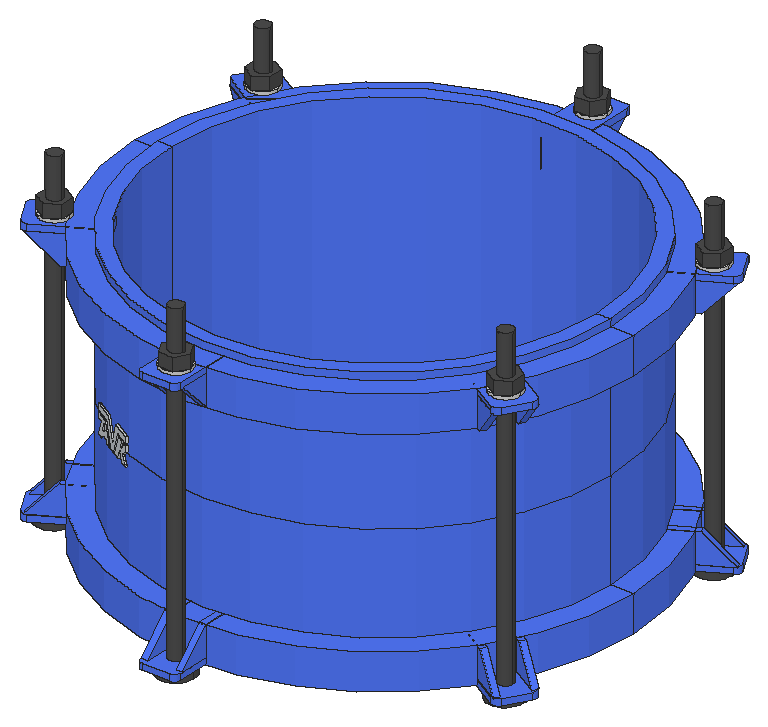
Revit family "601-A-005-DN225-300", category Pipe Accessories, Revit 2019
Family settings
  Round Connector Dimension = Use Diameter
  Part Type = Valve - Breaks Into
  Work Plane-Based = No
  Always vertical = Yes
  Cut with Voids When Loaded = No
  Shared = No
Parameters (values of type "DN300_324-350")
  W2 = (D3 / 2) - 5 mm  # 229.5 mm
  W1 = 32 mm  # constant formula
  URL_product_pages = "https://www.avkvalves.com/P.aspx?no=6012680004100"
  Search_Table = "601-A-005-DN225-300"
  PCD_Ref = PCD + 24 mm  # 452 mm
  PCD = size_lookup(Search_Table, "PCD", 0 mm, DN)  # 428 mm
  L1 = size_lookup(Search_Table, "L1", 0 mm, DN)  # 160 mm
  L = size_lookup(Search_Table, "L", 0 mm, DN)  # 270 mm
  ID = DN / 2  # 150.05 mm
  F = 5 mm  # constant formula
  Description_ = "AVK UNIVERSAL SUPA® STRAIGHT COUPLING"
  DN_Ref = DN2 * 2  # 350 mm
  DN300_324-350 = "601-350-000-4100"
  DN300_301-327 = "601-327-000-4100"
  DN250_280-306 = "601-306-000-4100"
  DN250_266-292 = "601-292-000-4100"
  DN225_242-268 = "601-268-000-4100"
  DN2 = size_lookup(Search_Table, "DN2", 0 mm, DN) / 2  # 175 mm
  DN = 300.1 mm
  D3 = size_lookup(Search_Table, "D3", 0 mm, DN)  # 469 mm
  D2 = D1 / 1.1  # 186.364 mm
  D1 = size_lookup(Search_Table, "D1", 0 mm, DN) / 2  # 205 mm
  Body_height_ref = Body_height - 12 mm  # 219 mm
  Body_height = size_lookup(Search_Table, "Body_height", 0 mm, DN)  # 231 mm
  B2 = Body_height / 2  # 115.5 mm
Types (6, lengths in mm): name | W2 | PCD_Ref | PCD | L1 | L | ID | DN_Ref | DN2 | DN | D3 | D2 | D1 | Body_height_ref | Body_height | B2
  (no name) | 229.5 | 452 | 428 | 160 | 270 | 150.05 | 350 | 175 | 300.1 | 469 | 186.364 | 205 | 219 | 231 | 115.5
  DN225_242-268 | 188 | 374 | 350 | 140 | 230 | 112.5 | 268 | 134 | 225 | 386 | 149.545 | 164.5 | 199 | 211 | 105.5
  DN250_266-292 | 200.5 | 398 | 374 | 160 | 250 | 125 | 292 | 146 | 250 | 411 | 161.818 | 178 | 219 | 231 | 115.5
  DN250_280-306 | 207.5 | 412 | 388 | 160 | 250 | 125.05 | 306 | 153 | 250.1 | 425 | 167.273 | 184 | 219 | 231 | 115.5
  DN300_301-327 | 217.5 | 429 | 405 | 160 | 250 | 150 | 327 | 163.5 | 300 | 445 | 176.364 | 194 | 219 | 231 | 115.5
  DN300_324-350 | 229.5 | 452 | 428 | 160 | 270 | 150.05 | 350 | 175 | 300.1 | 469 | 186.364 | 205 | 219 | 231 | 115.5
Reference planes
  plane 1 "Center (Front/Back)": y = 0
  plane 2: z = 0
  plane 3 "Center (Left/Right)": x = 0
  plane 4: y = 234.5
  plane 5: x = -16
  plane 6: x = 16
  plane 7: x = -16
  plane 8: y = -234.5
  plane 9: x = 16
  plane 10: x = -11
  plane 11: y = 229.5
  plane 12: x = 11
  plane 13: y = 229.5
  plane 14: y = -229.5
  plane 15: x = 11
  plane 16: x = -11
  plane 17: y = -229.5
  plane 18: y = -16
  plane 19: y = 16
  plane 20: x = 16
  plane 21: x = -16
  plane 22: x = 214
  plane 23: x = -214
  plane 24: y = 214
  plane 25: y = -214
  plane 26: z = 109.5
  plane 27: z = -109.5
  plane 28: z = -115.5
  plane 29: z = 154.5
  plane 30: z = 98.5
  plane 31: through (0, 0, 1200) normal (-0.5, -0.866, 0)
  plane 32: through (-219.561, 88.71, 1200) normal (-0.866, 0.5, 0)
  plane 33: through (-110.635, 45.4, 1200) normal (0.5, 0.866, 0)
  plane 34: through (-94.635, 73.113, 1200) normal (0.5, 0.866, 0)
  plane 35: through (3.052, -20.237, 1200) normal (0.5, 0.866, 0)
  plane 36: through (185.117, -148.368, 1200) normal (-0.866, 0.5, 0)
  plane 37: through (19.052, 7.475, 1200) normal (0.5, 0.866, 0)
  plane 38: through (-99.475, 44.73, 1200) normal (-0.5, -0.866, 0)
  plane 39: through (-209.219, 96.622, 1200) normal (0.866, -0.5, 0)
  plane 40: through (-88.475, 63.783, 1200) normal (-0.5, -0.866, 0)
  plane 41: through (-187.944, 133.472, 1200) normal (0.866, -0.5, 0)
  plane 42: through (209.562, -96.028, 1200) normal (-0.866, 0.5, 0)
  plane 43: through (102.051, -46.217, 1200) normal (-0.5, -0.866, 0)
  plane 44: through (91.051, -65.27, 1200) normal (-0.5, -0.866, 0)
  plane 45: through (188.287, -132.878, 1200) normal (-0.866, 0.5, 0)
  plane 46: through (219.561, 88.71, 1200) normal (-0.866, -0.5, 0)
  plane 47: through (110.635, 45.4, 1200) normal (0.5, -0.866, 0)
  plane 48: through (94.635, 73.113, 1200) normal (0.5, -0.866, 0)
  plane 49: through (-3.052, -20.237, 1200) normal (0.5, -0.866, 0)
  plane 50: through (-185.117, -148.368, 1200) normal (-0.866, -0.5, 0)
  plane 51: through (-19.052, 7.475, 1200) normal (0.5, -0.866, 0)
  plane 52: through (99.475, 44.73, 1200) normal (-0.5, 0.866, 0)
  plane 53: through (209.219, 96.622, 1200) normal (0.866, 0.5, 0)
  plane 54: through (88.475, 63.783, 1200) normal (-0.5, 0.866, 0)
  plane 55: through (187.944, 133.472, 1200) normal (0.866, 0.5, 0)
  plane 56: through (-209.562, -96.028, 1200) normal (-0.866, -0.5, 0)
  plane 57: through (-102.051, -46.217, 1200) normal (-0.5, 0.866, 0)
  plane 58: through (-91.051, -65.27, 1200) normal (-0.5, 0.866, 0)
  plane 59: through (-188.287, -132.878, 1200) normal (-0.866, -0.5, 0)
  plane 60: through (0, 0, 1200) normal (-0.866, 0.5, 0)
  plane 61: through (0, 0, 1200) normal (-0.866, -0.5, 0)
  plane 62: through (167.143, 96.5, 1200) normal (0.5, -0.866, 0)
  plane 63: z = 112.274
Forms (mm)
  Revolve 1, solid, material "Plastic"
    sketch origin (0, 0, 0) x (1, 0, 0) y (0, 0, 1)
      loop
        line (0, 115.5) -> (0, -115.5) -> (186.364, -115.5) -> (186.364, -109.5) -> (205, -109.5) -> (205, -80) -> (186.364, -80) -> (186.364, 0) -> (186.364, 80) -> (205, 80) -> (205, 109.5) -> (186.364, 109.5) -> (186.364, 115.5) -> (0, 115.5)
      axis (0, -115.5) -> (0, 115.5)
    angle from 0 to 360
  Extrusion 2, solid, material "Plastic"
    sketch origin (0, 0, 0) x (1, 0, 0) y (0, 1, 0)
      loop
        arc (-11, 234.5) -> (-14.536, 233.036) -> (-16, 229.5) r 5
        line (-16, 229.5) -> (-16, -16) -> (-16, -229.5)
        arc (-16, -229.5) -> (-14.536, -233.036) -> (-11, -234.5) r 5
        line (-11, -234.5) -> (11, -234.5)
        arc (11, -234.5) -> (14.536, -233.036) -> (16, -229.5) r 5
        line (16, -229.5) -> (16, -16) -> (16, 229.5)
        arc (16, 229.5) -> (14.536, 233.036) -> (11, 234.5) r 5
        line (11, 234.5) -> (-11, 234.5)
    from 104.5 to 109.5
  Extrusion 3, solid, material "Plastic"
    sketch origin (0, 0, 0) x (1, 0, 0) y (0, 1, 0)
      loop
        line (16, 16) -> (16, 229.5)
        arc (16, 229.5) -> (14.536, 233.036) -> (11, 234.5) r 5
        line (11, 234.5) -> (-11, 234.5)
        arc (-11, 234.5) -> (-14.536, 233.036) -> (-16, 229.5) r 5
        line (-16, 229.5) -> (-16, 16) -> (-16, -229.5)
        arc (-16, -229.5) -> (-14.536, -233.036) -> (-11, -234.5) r 5
        line (-11, -234.5) -> (11, -234.5)
        arc (11, -234.5) -> (14.536, -233.036) -> (16, -229.5) r 5
        line (16, -229.5) -> (16, 16)
    from -109.5 to -104.5
  Extrusion 4, solid, material "Plastic"
    sketch origin (0, 0, 0) x (0, 1, 0) y (0, 0, 1)
      loop
        line (229.5, -104.5) -> (205, -80) -> (-205, -80) -> (-229.5, -104.5) -> (229.5, -104.5)
    from -16 to -11
  Extrusion 5, solid, material "Plastic"
    sketch origin (0, 0, 0) x (0, 1, 0) y (0, 0, 1)
      loop
        line (203.5, -80) -> (150.356, -80) -> (150.356, -104.5) -> (227, -104.5) -> (203.5, -80)
      loop
        line (-227, -104.5) -> (-150.356, -104.5) -> (-150.356, -80) -> (-203.5, -80) -> (-227, -104.5)
    from 11 to 16
  Extrusion 6, solid, material "Plastic"
    sketch origin (0, 0, 0) x (0.5, 0.866025, 0) y (-0.866025, 0.5, 0)
      loop
        arc (-11, 234.5) -> (-14.536, 233.036) -> (-16, 229.5) r 5
        line (-16, 229.5) -> (-16, -41) -> (-16, -229.5)
        arc (-16, -229.5) -> (-14.536, -233.036) -> (-11, -234.5) r 5
        line (-11, -234.5) -> (11, -234.5)
        arc (11, -234.5) -> (14.536, -233.036) -> (16, -229.5) r 5
        line (16, -229.5) -> (16, -41) -> (16, 229.5)
        arc (16, 229.5) -> (14.536, 233.036) -> (11, 234.5) r 5
        line (11, 234.5) -> (-11, 234.5)
    from 104.5 to 109.5
  Extrusion 7, solid, material "Plastic"
    sketch origin (0, 0, 0) x (-0.5, 0.866025, 0) y (-0.866025, -0.5, 0)
      loop
        line (-11, -234.5) -> (11, -234.5)
        arc (11, -234.5) -> (14.536, -233.036) -> (16, -229.5) r 5
        line (16, -229.5) -> (16, 41) -> (16, 229.5)
        arc (16, 229.5) -> (14.536, 233.036) -> (11, 234.5) r 5
        line (11, 234.5) -> (-11, 234.5)
        arc (-11, 234.5) -> (-14.536, 233.036) -> (-16, 229.5) r 5
        line (-16, 229.5) -> (-16, 41) -> (-16, -229.5)
        arc (-16, -229.5) -> (-14.536, -233.036) -> (-11, -234.5) r 5
    from 104.5 to 109.5
  Extrusion 8, solid, material "Plastic"
    sketch origin (0, 0, 0) x (1, 0, 0) y (0, 1, 0)
      loop
        line (0, 18.475) -> (-190.753, 128.606)
        arc (-190.753, 128.606) -> (-194.547, 129.106) -> (-197.583, 126.776) r 5
        line (-197.583, 126.776) -> (-208.583, 107.724)
        arc (-208.583, 107.724) -> (-209.082, 103.93) -> (-206.753, 100.894) r 5
        line (-206.753, 100.894) -> (-32, 0) -> (-206.753, -100.894)
        arc (-206.753, -100.894) -> (-209.082, -103.93) -> (-208.583, -107.724) r 5
        line (-208.583, -107.724) -> (-197.583, -126.776)
        arc (-197.583, -126.776) -> (-194.547, -129.106) -> (-190.753, -128.606) r 5
        line (-190.753, -128.606) -> (0, -18.475) -> (190.753, -128.606)
        arc (190.753, -128.606) -> (194.547, -129.106) -> (197.583, -126.776) r 5
        line (197.583, -126.776) -> (208.583, -107.724)
        arc (208.583, -107.724) -> (209.082, -103.93) -> (206.753, -100.894) r 5
        line (206.753, -100.894) -> (32, 0) -> (206.753, 100.894)
        arc (206.753, 100.894) -> (209.082, 103.93) -> (208.583, 107.724) r 5
        line (208.583, 107.724) -> (197.583, 126.776)
        arc (197.583, 126.776) -> (194.547, 129.106) -> (190.753, 128.606) r 5
        line (190.753, 128.606) -> (0, 18.475)
    from -104.5 to -109.5
  Blend 9, solid, material "Plastic"
    base sketch origin (0, 0, 0) x (1, 0, 0) y (0, 1, 0)
      loop
        line (-208.638, -101.982) -> (-206.138, -106.312) -> (195.138, 125.365) -> (192.638, 129.695) -> (-208.638, -101.982)
    top sketch origin (0, 0, 0) x (1, 0, 0) y (0, 1, 0)
      loop
        line (-188.528, -90.372) -> (-186.028, -94.702) -> (175.028, 113.754) -> (172.528, 118.085) -> (-188.528, -90.372)
    from 104.5 to 80
  Blend 10, solid, material "Plastic"
    base sketch origin (0, 0, 0) x (1, 0, 0) y (0, 1, 0)
      loop
        line (208.638, 101.982) -> (206.138, 106.312) -> (-195.138, -125.365) -> (-192.638, -129.695) -> (208.638, 101.982)
    top sketch origin (0, 0, 0) x (1, 0, 0) y (0, 1, 0)
      loop
        line (-172.528, -118.085) -> (188.528, 90.372) -> (186.358, 94.892) -> (-175.028, -113.754) -> (-172.528, -118.085)
    from 104.5 to 80
  Blend 11, solid, material "Plastic"
    base sketch origin (0, 0, 0) x (-1, 0, 0) y (0, -1, 0)
      loop
        line (-208.638, 101.982) -> (192.638, -129.695) -> (195.138, -125.365) -> (-206.138, 106.312) -> (-208.638, 101.982)
    top sketch origin (0, 0, 0) x (-1, 0, 0) y (0, -1, 0)
      loop
        line (-188.528, 90.372) -> (172.528, -118.085) -> (175.028, -113.754) -> (-186.028, 94.702) -> (-188.528, 90.372)
    from 104.5 to 80
  Blend 12, solid, material "Plastic"
    base sketch origin (0, 0, 0) x (-1, 0, 0) y (0, -1, 0)
      loop
        line (208.638, -101.982) -> (-192.638, 129.695) -> (-195.138, 125.365) -> (206.138, -106.312) -> (208.638, -101.982)
    top sketch origin (0, 0, 0) x (-1, 0, 0) y (0, -1, 0)
      loop
        line (-172.528, 118.085) -> (-175.028, 113.754) -> (186.358, -94.892) -> (188.528, -90.372) -> (-172.528, 118.085)
    from 104.5 to 80
  Blend 13, solid, material "Plastic"
    base sketch origin (0, 0, 0) x (1, 0, 0) y (0, 1, 0)
      loop
        line (192.638, 129.695) -> (-208.638, -101.982) -> (-206.138, -106.312) -> (195.138, 125.365) -> (192.638, 129.695)
    top sketch origin (0, 0, 0) x (1, 0, 0) y (0, 1, 0)
      loop
        line (-188.528, -90.372) -> (-186.028, -94.702) -> (175.028, 113.754) -> (172.528, 118.085) -> (-188.528, -90.372)
    from -104.5 to -80
  Blend 14, solid, material "Plastic"
    base sketch origin (0, 0, 0) x (1, 0, 0) y (0, 1, 0)
      loop
        line (-192.638, -129.695) -> (208.638, 101.982) -> (206.138, 106.312) -> (-195.138, -125.365) -> (-192.638, -129.695)
    top sketch origin (0, 0, 0) x (1, 0, 0) y (0, 1, 0)
      loop
        line (-172.528, -118.085) -> (188.528, 90.372) -> (186.358, 94.892) -> (-175.028, -113.754) -> (-172.528, -118.085)
    from -104.5 to -80
  Blend 15, solid, material "Plastic"
    base sketch origin (0, 0, 0) x (1, 0, 0) y (0, 1, 0)
      loop
        line (-192.638, 129.695) -> (-195.138, 125.365) -> (206.138, -106.312) -> (208.638, -101.982) -> (-192.638, 129.695)
    top sketch origin (0, 0, 0) x (1, 0, 0) y (0, 1, 0)
      loop
        line (-175.028, 113.754) -> (186.028, -94.702) -> (188.528, -90.372) -> (-172.528, 118.085) -> (-175.028, 113.754)
    from -104.5 to -80
  Blend 16, solid, material "Plastic"
    base sketch origin (0, 0, 0) x (1, 0, 0) y (0, 1, 0)
      loop
        line (-206.138, 106.312) -> (-208.638, 101.982) -> (192.638, -129.695) -> (195.138, -125.365) -> (-206.138, 106.312)
    top sketch origin (0, 0, 0) x (1, 0, 0) y (0, 1, 0)
      loop
        line (-186.358, 94.892) -> (-188.528, 90.372) -> (172.528, -118.085) -> (175.028, -113.754) -> (-186.358, 94.892)
    from -104.5 to -80
  Extrusion 17, solid, material "Stainless Steel AISI 304"
    sketch origin (0, 0, 0) x (1, 0, 0) y (0, 1, 0)
      loop
        circle (185.329, 107) r 6
      loop
        circle (-185.329, -107) r 6
      loop
        circle (-185.329, 107) r 6
      loop
        circle (185.329, -107) r 6
      loop
        circle (0, 214) r 6
      loop
        circle (0, -214) r 6
    from -104.5 to 154.5
  Extrusion 18, solid, material "Stainless Steel AISI 304(1)"
    sketch origin (0, 0, 0) x (1, 0, 0) y (0, 1, 0)
      loop
        circle (185.329, 107) r 12
      loop
        circle (-185.329, -107) r 12
      loop
        circle (-185.329, 107) r 12
      loop
        circle (185.329, -107) r 12
      loop
        circle (0, 214) r 12
      loop
        circle (0, -214) r 12
    from 109.5 to 111.822
  Extrusion 19, solid, material "Stainless Steel AISI 304"
    sketch origin (0, 0, 0) x (1, 0, 0) y (0, 1, 0)
      loop
        line (12, 214) -> (6, 224.392) -> (-6, 224.392) -> (-12, 214) -> (-6, 203.608) -> (6, 203.608) -> (12, 214)
      loop
        line (185.329, -119) -> (195.722, -113) -> (195.722, -101) -> (185.329, -95) -> (174.937, -101) -> (174.937, -113) -> (185.329, -119)
      loop
        line (12, -214) -> (6, -203.608) -> (-6, -203.608) -> (-12, -214) -> (-6, -224.392) -> (6, -224.392) -> (12, -214)
      loop
        line (-185.329, 119) -> (-195.722, 113) -> (-195.722, 101) -> (-185.329, 95) -> (-174.937, 101) -> (-174.937, 113) -> (-185.329, 119)
      loop
        line (-185.329, -119) -> (-174.937, -113) -> (-174.937, -101) -> (-185.329, -95) -> (-195.722, -101) -> (-195.722, -113) -> (-185.329, -119)
      loop
        line (185.329, 119) -> (174.937, 113) -> (174.937, 101) -> (185.329, 95) -> (195.722, 101) -> (195.722, 113) -> (185.329, 119)
    from 111.822 to 122.274
  Extrusion 20, solid, material "Stainless Steel AISI 304"
    sketch origin (0, 0, 0) x (1, 0, 0) y (0, 1, 0)
      loop
        circle (0, 214) r 15
      loop
        circle (185.329, 107) r 15
      loop
        circle (-185.329, 107) r 15
      loop
        circle (185.329, -107) r 15
      loop
        circle (-185.329, -107) r 15
      loop
        circle (0, -214) r 15
    from -109.5 to -115.5
  Blend 21, solid, material "Plastic"
    base sketch origin (0, 0, 0) x (1, 0, 0) y (0, 1, 0)
      loop
        line (-16, 229.5) -> (-16, -229.5) -> (-11, -229.5) -> (-11, 229.5) -> (-16, 229.5)
    top sketch origin (0, 0, 0) x (1, 0, 0) y (0, 1, 0)
      loop
        line (-16, 205) -> (-16, -205) -> (-11, -205) -> (-11, 205) -> (-16, 205)
    from 104.5 to 80
  Blend 22, solid, material "Plastic"
    base sketch origin (0, 0, 0) x (1, 0, 0) y (0, 1, 0)
      loop
        line (11, 227) -> (11, -227) -> (16, -227) -> (16, 227) -> (11, 227)
    top sketch origin (0, 0, 0) x (1, 0, 0) y (0, 1, 0)
      loop
        line (11, 203.5) -> (11, -203.5) -> (16, -203.5) -> (16, 203.5) -> (11, 203.5)
    from 104.5 to 80
  Revolve 23, void
    sketch origin (0, 0, 0) x (1, 0, 0) y (0, 0, 1)
      loop
        line (0, 115.5) -> (0, -115.5) -> (175, -115.5) -> (175, 115.5) -> (0, 115.5)
      axis (0, -115.5) -> (0, 115.5)
    angle from 0 to 360
Cuts and joins
  Revolve 23 cuts Revolve 1
  Revolve 23 cuts Extrusion 2
  Revolve 23 cuts Extrusion 3
  Revolve 23 cuts Extrusion 4
  Revolve 23 cuts Extrusion 5
  Revolve 23 cuts Extrusion 6
  Revolve 23 cuts Extrusion 7
  Revolve 23 cuts Extrusion 8
  Revolve 23 cuts Blend 9
  Revolve 23 cuts Blend 10
  Revolve 23 cuts Blend 11
  Revolve 23 cuts Blend 12
  Revolve 23 cuts Blend 13
  Revolve 23 cuts Blend 14
  Revolve 23 cuts Blend 15
  Revolve 23 cuts Blend 16
  Revolve 23 cuts Blend 21
  Revolve 23 cuts Blend 22
Dimensions and locks
  "L1": Revolve 1 sketch curve to Revolve 1 sketch curve
  equal spacing: Revolve 1 sketch curve, level, Revolve 1 sketch curve  (x2)
  "D1": Revolve 1 sketch curve to plane 3 "Center (Left/Right)"
  "D2": Revolve 1 sketch curve to Revolve 1 sketch curve
  locked: plane 12 to plane 6 at 5
  locked: plane 4 to plane 13 at 5
  locked: plane 5 to plane 10 at 5
  locked: plane 4 to plane 11 at 5
  locked: plane 17 to plane 8 at 5
  locked: plane 14 to plane 8 at 5
  locked: plane 7 to plane 16 at 5
  locked: plane 15 to plane 9 at 5
  equal spacing: plane 5, plane 3 "Center (Left/Right)", plane 6
  equal spacing: plane 7, plane 3 "Center (Left/Right)", plane 9
  "W1": plane 5 to plane 6
  "W1": plane 7 to plane 9
  equal spacing: plane 4, plane 1 "Center (Front/Back)", plane 8
  "D3": plane 4 to plane 8
  equal spacing: plane 22, plane 3 "Center (Left/Right)", plane 23
  "PCD": plane 22 to plane 23
  equal spacing: plane 24, plane 1 "Center (Front/Back)", plane 25
  "PCD": plane 24 to plane 25
  locked: Revolve 1 sketch curve to Revolve 1 sketch curve at 6  (x2)
  "Body_height": Revolve 1 sketch curve to Revolve 1 sketch curve
  equal spacing: plane 26, level, plane 27
  "Body_height_ref": plane 26 to plane 27
  "F": Extrusion 3 to plane 27
  "F": plane 26 to Extrusion 2
  equal spacing: Extrusion 4 sketch curve, plane 1 "Center (Front/Back)", Extrusion 4 sketch curve  (x2)
  "W2": plane 1 "Center (Front/Back)" to Extrusion 4 sketch curve
  "D1": plane 1 "Center (Front/Back)" to Extrusion 4 sketch curve
  "F": Extrusion 4 to plane 21
  "B2": level to plane 28
  "L": plane 29 to plane 28
  "F": plane 20 to Extrusion 5
  locked: plane 40 to plane 34 at 5
  locked: plane 32 to plane 41 at 5
  locked: plane 33 to plane 38 at 5
  locked: plane 32 to plane 39 at 5
  locked: plane 45 to plane 36 at 5
  locked: plane 42 to plane 36 at 5
  locked: plane 35 to plane 44 at 5
  locked: plane 43 to plane 37 at 5
  plane 33 to plane 34 = 32 mm
  plane 35 to plane 37 = 32 mm
  "W1": plane 33 to plane 34
  "W1": plane 35 to plane 37
  "D3": plane 32 to plane 36
  locked: plane 54 to plane 48 at 5
  locked: plane 46 to plane 55 at 5
  locked: plane 47 to plane 52 at 5
  locked: plane 46 to plane 53 at 5
  locked: plane 59 to plane 50 at 5
  locked: plane 56 to plane 50 at 5
  locked: plane 49 to plane 58 at 5
  locked: plane 57 to plane 51 at 5
  plane 47 to plane 48 = 32 mm
  plane 49 to plane 51 = 32 mm
  "W1": plane 47 to plane 48
  "W1": plane 49 to plane 51
  "D3": plane 46 to plane 50
  equal spacing: plane 32, plane 60, plane 36
  equal spacing: plane 46, plane 61, plane 50
  locked: Extrusion 7 to Blend 9 sketch curve at 5  (x2)
  locked: Extrusion 7 to Blend 10 sketch curve at 5
  locked: Blend 10 sketch curve to Extrusion 7 at 5
  locked: Extrusion 6 to Blend 12 sketch curve at 5  (x2)
  locked: Blend 11 sketch curve to Extrusion 6 at 5  (x2)
  equal spacing: Extrusion 17 sketch curve, plane 61, Extrusion 17 sketch curve
  "PCD": Extrusion 17 sketch curve to Extrusion 17 sketch curve  (x3)
  equal spacing: Extrusion 17 sketch curve, plane 60, Extrusion 17 sketch curve
  equal spacing: Extrusion 17 sketch curve, plane 1 "Center (Front/Back)", Extrusion 17 sketch curve
  equal spacing: Extrusion 18 sketch curve, plane 1 "Center (Front/Back)", Extrusion 18 sketch curve
  "PCD": Extrusion 18 sketch curve to Extrusion 18 sketch curve  (x3)
  equal spacing: Extrusion 18 sketch curve, plane 61, Extrusion 18 sketch curve
  equal spacing: Extrusion 18 sketch curve, plane 60, Extrusion 18 sketch curve
  locked: Extrusion 18 to plane 26 at 2.322
  equal spacing: Extrusion 19 sketch curve, plane 1 "Center (Front/Back)", Extrusion 19 sketch curve
  "PCD": Extrusion 19 sketch curve to Extrusion 19 sketch curve
  locked: Extrusion 19 to Extrusion 18 at 10.452
  equal spacing: Extrusion 19 sketch curve, plane 60, Extrusion 19 sketch curve
  "PCD_Ref": Extrusion 19 sketch curve to Extrusion 19 sketch curve  (x2)
  equal spacing: Extrusion 19 sketch curve, plane 61, Extrusion 19 sketch curve
  equal spacing: Extrusion 20 sketch curve, plane 1 "Center (Front/Back)", Extrusion 20 sketch curve
  "PCD": Extrusion 20 sketch curve to Extrusion 20 sketch curve  (x3)
  equal spacing: Extrusion 20 sketch curve, plane 61, Extrusion 20 sketch curve
  equal spacing: Extrusion 20 sketch curve, plane 60, Extrusion 20 sketch curve
  "DN2": Revolve 23 sketch curve to plane 3 "Center (Left/Right)"
  angle plane 3 "Center (Left/Right)" to plane 61 = 30.00°
  angle plane 60 to plane 3 "Center (Left/Right)" = 30.00°
  aligned and locked: level to plane 2
  aligned and locked: Revolve 1 sketch curve to Revolve 1 sketch curve  (x5)
  aligned and locked: Revolve 1 sketch curve to plane 3 "Center (Left/Right)"
  aligned and locked: plane 4 to Extrusion 2 sketch curve  (x2)
  aligned and locked: Extrusion 2 sketch curve to plane 10
  aligned and locked: plane 11 to Extrusion 2 sketch curve
  aligned and locked: plane 5 to Extrusion 2 sketch curve
  aligned and locked: Extrusion 2 sketch curve to plane 12
  aligned and locked: Extrusion 2 sketch curve to plane 13
  aligned and locked: plane 6 to Extrusion 2 sketch curve
  aligned and locked: Extrusion 2 sketch curve to plane 9
  aligned and locked: plane 14 to Extrusion 2 sketch curve
  aligned and locked: plane 8 to Extrusion 2 sketch curve  (x2)
  aligned and locked: plane 15 to Extrusion 2 sketch curve
  aligned and locked: plane 16 to Extrusion 2 sketch curve
  aligned and locked: Extrusion 2 sketch curve to plane 17
  aligned and locked: Extrusion 2 sketch curve to plane 7
  aligned and locked: plane 9 to Extrusion 2 sketch curve
  aligned and locked: Extrusion 2 sketch curve to plane 5
  aligned and locked: Extrusion 2 to Extrusion 3 sketch curve
  aligned and locked: Extrusion 3 sketch curve to Extrusion 2  (x5)
  aligned and locked: Extrusion 2 to plane 26
  aligned and locked: plane 27 to Extrusion 3
  aligned and locked: Extrusion 4 sketch curve to Extrusion 3
  aligned and locked: Extrusion 2 to Extrusion 4
  aligned and locked: Extrusion 5 to plane 20
  aligned and locked: plane 32 to Extrusion 6 sketch curve  (x2)
  aligned and locked: Extrusion 6 sketch curve to plane 38
  aligned and locked: plane 39 to Extrusion 6 sketch curve
  aligned and locked: plane 33 to Extrusion 6 sketch curve
  aligned and locked: Extrusion 6 sketch curve to plane 40
  aligned and locked: Extrusion 6 sketch curve to plane 41
  aligned and locked: plane 34 to Extrusion 6 sketch curve
  aligned and locked: Extrusion 6 sketch curve to plane 37
  aligned and locked: plane 42 to Extrusion 6 sketch curve
  aligned and locked: plane 36 to Extrusion 6 sketch curve  (x2)
  aligned and locked: plane 43 to Extrusion 6 sketch curve
  aligned and locked: plane 44 to Extrusion 6 sketch curve
  aligned and locked: Extrusion 6 sketch curve to plane 45
  aligned and locked: Extrusion 6 sketch curve to plane 35
  aligned and locked: plane 37 to Extrusion 6 sketch curve
  aligned and locked: Extrusion 6 sketch curve to plane 33
  aligned and locked: Extrusion 7 sketch curve to plane 46  (x2)
  aligned and locked: Extrusion 7 sketch curve to plane 52
  aligned and locked: plane 53 to Extrusion 7 sketch curve
  aligned and locked: plane 47 to Extrusion 7 sketch curve
  aligned and locked: Extrusion 7 sketch curve to plane 54
  aligned and locked: Extrusion 7 sketch curve to plane 55
  aligned and locked: plane 48 to Extrusion 7 sketch curve
  aligned and locked: Extrusion 7 sketch curve to plane 51  (x2)
  aligned and locked: plane 56 to Extrusion 7 sketch curve
  aligned and locked: Extrusion 7 sketch curve to plane 50  (x2)
  aligned and locked: plane 57 to Extrusion 7 sketch curve
  aligned and locked: plane 58 to Extrusion 7 sketch curve
  aligned and locked: Extrusion 7 sketch curve to plane 59
  aligned and locked: Extrusion 7 sketch curve to plane 49
  aligned and locked: Extrusion 7 sketch curve to plane 47
  aligned and locked: Extrusion 7 to Revolve 1
  aligned and locked: Extrusion 7 to Extrusion 2
  aligned and locked: Extrusion 6 to Revolve 1
  aligned and locked: Extrusion 6 to Extrusion 2
  aligned and locked: Extrusion 8 sketch curve to Extrusion 6  (x6)
  aligned and locked: Extrusion 8 sketch curve to Extrusion 7  (x5)
  aligned and locked: Extrusion 7 to Extrusion 8 sketch curve
  aligned and locked: Extrusion 8 to Revolve 1
  aligned and locked: Extrusion 8 to Extrusion 3
  aligned and locked: Blend 9 sketch curve to Extrusion 7  (x2)
  aligned and locked: Blend 9 to Extrusion 2
  aligned and locked: Blend 9 to Revolve 1
  aligned and locked: Blend 10 sketch curve to Extrusion 7
  aligned and locked: Extrusion 7 to Blend 10 sketch curve
  aligned and locked: Revolve 1 to Blend 10
  aligned and locked: Blend 10 to Extrusion 2
  aligned and locked: Blend 12 sketch curve to Extrusion 6  (x2)
  aligned and locked: Blend 11 sketch curve to Extrusion 6  (x2)
  aligned and locked: Blend 13 sketch curve to Extrusion 7  (x2)
  aligned and locked: Blend 13 sketch curve to Blend 9  (x2)
  aligned and locked: Blend 13 to Revolve 1
  aligned and locked: Blend 13 to Extrusion 3
  aligned and locked: Blend 14 sketch curve to Extrusion 7
  aligned and locked: Blend 14 sketch curve to Blend 10
  aligned and locked: Extrusion 7 to Blend 14 sketch curve
  aligned and locked: Blend 10 to Blend 14 sketch curve
  aligned and locked: Blend 14 to Extrusion 3
  aligned and locked: Revolve 1 to Blend 14
  aligned and locked: Blend 11 to Extrusion 2
  aligned and locked: Blend 12 to Extrusion 2
  aligned and locked: Blend 15 sketch curve to Extrusion 6  (x2)
  aligned and locked: Blend 15 sketch curve to Blend 11  (x2)
  aligned and locked: Blend 15 to Extrusion 3
  aligned and locked: Blend 15 to Revolve 1
  aligned and locked: Blend 16 sketch curve to Extrusion 6
  aligned and locked: Blend 16 sketch curve to Blend 12
  aligned and locked: Extrusion 6 to Blend 16 sketch curve
  aligned and locked: Blend 12 to Blend 16 sketch curve
  aligned and locked: Blend 16 to Extrusion 3
  aligned and locked: Blend 16 to Revolve 1
  aligned and locked: Extrusion 17 to Extrusion 3
  aligned and locked: plane 29 to Extrusion 17
  aligned and locked: Extrusion 18 to Extrusion 7
  aligned and locked: Extrusion 19 to Extrusion 18
  aligned and locked: Blend 12 to Revolve 1
  aligned and locked: Blend 11 to Revolve 1
  aligned and locked: Extrusion 20 to Extrusion 8
  aligned and locked: Extrusion 20 to Revolve 1
  aligned and locked: var sketch to Blend 21 sketch curve
  aligned and locked: Revolve 23 sketch curve to Revolve 1
  aligned and locked: plane 3 "Center (Left/Right)" to Revolve 23 sketch curve
  aligned and locked: Revolve 1 to Revolve 23 sketch curve
  aligned and locked: Revolve 23 sketch curve to Revolve 23 sketch curve
Automatic sketch dimensions
  plane 19 to Extrusion 3 sketch curve = 0 mm  (x2)
  Extrusion 5 sketch curve to plane 27 = 5 mm  (x2)
  plane 25 to Extrusion 5 sketch curve = 13 mm
  Extrusion 5 sketch curve to plane 25 = 10.5 mm
  Extrusion 5 sketch curve to Extrusion 5 sketch curve = 53.144 mm
  Extrusion 5 sketch curve to plane 27 = 29.5 mm  (x2)
  plane 24 to Extrusion 5 sketch curve = 63.644 mm
  plane 24 to Extrusion 5 sketch curve = 10.5 mm
  Extrusion 5 sketch curve to plane 24 = 13 mm
  Extrusion 8 sketch curve to plane 3 "Center (Left/Right)" = 0 mm  (x2)
  Extrusion 8 sketch curve to Extrusion 8 sketch curve = 2.5 mm  (x8)
  Extrusion 8 sketch curve to Extrusion 8 sketch curve = 4.33 mm  (x8)
  plane 18 to Extrusion 8 sketch curve = 2.475 mm
  Extrusion 8 sketch curve to plane 19 = 2.475 mm
  plane 23 to Blend 9 sketch curve = 5.362 mm
  Blend 9 sketch curve to plane 22 = 21.362 mm
  plane 23 to Blend 9 sketch curve = 25.472 mm
  Blend 9 sketch curve to plane 22 = 41.472 mm
  plane 23 to Blend 10 sketch curve = 18.862 mm
  Blend 10 sketch curve to plane 22 = 7.862 mm
  plane 23 to Blend 10 sketch curve = 38.972 mm
  Blend 10 sketch curve to Blend 10 sketch curve = 2.5 mm
  Blend 10 sketch curve to plane 22 = 27.642 mm
  Blend 10 sketch curve to Blend 10 sketch curve = 2.171 mm
  plane 22 to Blend 11 sketch curve = 5.362 mm
  Blend 11 sketch curve to plane 23 = 21.362 mm
  plane 22 to Blend 11 sketch curve = 25.472 mm
  Blend 11 sketch curve to plane 23 = 41.472 mm
  plane 22 to Blend 12 sketch curve = 18.862 mm
  Blend 12 sketch curve to plane 23 = 7.862 mm
  plane 22 to Blend 12 sketch curve = 38.972 mm
  Blend 12 sketch curve to Blend 12 sketch curve = 2.5 mm
  Blend 12 sketch curve to plane 23 = 27.642 mm
  Blend 12 sketch curve to Blend 12 sketch curve = 2.171 mm
  plane 23 to Blend 13 sketch curve = 5.362 mm
  Blend 13 sketch curve to plane 22 = 21.362 mm
  plane 23 to Blend 13 sketch curve = 25.472 mm
  Blend 13 sketch curve to plane 22 = 41.472 mm
  plane 23 to Blend 14 sketch curve = 18.862 mm
  Blend 14 sketch curve to plane 22 = 7.862 mm
  plane 23 to Blend 14 sketch curve = 38.972 mm
  Blend 14 sketch curve to Blend 14 sketch curve = 2.5 mm
  Blend 14 sketch curve to plane 22 = 27.642 mm
  Blend 14 sketch curve to Blend 14 sketch curve = 2.171 mm
  plane 23 to Blend 15 sketch curve = 18.862 mm
  Blend 15 sketch curve to plane 22 = 7.862 mm
  plane 23 to Blend 15 sketch curve = 38.972 mm
  Blend 15 sketch curve to plane 22 = 27.972 mm
  plane 23 to Blend 16 sketch curve = 5.362 mm
  Blend 16 sketch curve to plane 22 = 21.362 mm
  plane 23 to Blend 16 sketch curve = 25.472 mm
  Blend 16 sketch curve to Blend 16 sketch curve = 2.171 mm
  Blend 16 sketch curve to plane 22 = 41.472 mm
  Blend 21 sketch curve to plane 21 = 0 mm  (x2)
  Blend 21 sketch curve to Blend 21 sketch curve = 5 mm
  plane 25 to Blend 21 sketch curve = 15.5 mm
  Blend 21 sketch curve to plane 24 = 15.5 mm
  Blend 21 sketch curve to plane 25 = 9 mm
  plane 24 to Blend 21 sketch curve = 9 mm
  Blend 22 sketch curve to plane 20 = 0 mm  (x2)
  Blend 22 sketch curve to plane 20 = 5 mm  (x2)
  plane 25 to Blend 22 sketch curve = 13 mm
  Blend 22 sketch curve to plane 24 = 13 mm
  Blend 22 sketch curve to plane 25 = 10.5 mm
  plane 24 to Blend 22 sketch curve = 10.5 mm
  Revolve 1 sketch curve to level = 0 mm
  Revolve 1 sketch curve to level = 22 mm
  level to Revolve 1 sketch curve = 38 mm
  plane 18 to Extrusion 2 sketch curve = 0 mm  (x2)
  Extrusion 4 sketch curve to plane 27 = 29.5 mm
  Extrusion 6 sketch curve to plane 60 = 41 mm
  Extrusion 6 sketch curve to Extrusion 6 sketch curve = 0 mm
  plane 61 to Extrusion 7 sketch curve = 41 mm
  Extrusion 7 sketch curve to Extrusion 7 sketch curve = 0 mm
  Extrusion 17 sketch curve to plane 62 = 0 mm
  plane 31 to Extrusion 17 sketch curve = 0 mm  (x2)
  Extrusion 17 sketch curve to plane 3 "Center (Left/Right)" = 0 mm  (x2)
  plane 62 to Extrusion 17 sketch curve = 0 mm
  Extrusion 18 sketch curve to plane 62 = 0 mm
  plane 31 to Extrusion 18 sketch curve = 0 mm  (x2)
  Extrusion 18 sketch curve to plane 3 "Center (Left/Right)" = 0 mm  (x2)
  plane 62 to Extrusion 18 sketch curve = 0 mm
  plane 31 to Extrusion 19 sketch curve = 0 mm  (x4)
  Extrusion 19 sketch curve to plane 62 = 0 mm  (x2)
  plane 25 to Extrusion 19 sketch curve = 0 mm
  plane 24 to Extrusion 19 sketch curve = 0 mm
  plane 62 to Extrusion 19 sketch curve = 0 mm  (x2)
  Extrusion 19 sketch curve to Extrusion 19 sketch curve = 10.392 mm  (x10)
  plane 21 to Extrusion 19 sketch curve = 4 mm  (x2)
  Extrusion 19 sketch curve to plane 3 "Center (Left/Right)" = 6 mm  (x4)
  plane 3 "Center (Left/Right)" to Extrusion 19 sketch curve = 6 mm  (x4)
  Extrusion 19 sketch curve to plane 20 = 4 mm  (x2)
  Extrusion 19 sketch curve to Extrusion 19 sketch curve = 20.785 mm  (x2)
  plane 25 to Extrusion 19 sketch curve = 10.392 mm
  Extrusion 19 sketch curve to plane 25 = 10.392 mm
  Extrusion 19 sketch curve to Extrusion 19 sketch curve = 6 mm  (x8)
  Extrusion 19 sketch curve to Extrusion 19 sketch curve = 12 mm  (x8)
  plane 24 to Extrusion 19 sketch curve = 10.392 mm
  Extrusion 19 sketch curve to plane 24 = 10.392 mm
  plane 31 to Extrusion 20 sketch curve = 0 mm  (x2)
  Extrusion 20 sketch curve to plane 62 = 0 mm
  Extrusion 20 sketch curve to plane 3 "Center (Left/Right)" = 0 mm  (x2)
  plane 62 to Extrusion 20 sketch curve = 0 mm
  Revolve 23 sketch curve to level = 50.5 mm
  level to Revolve 23 sketch curve = 9.5 mm
  radius of Extrusion 17 sketch curve = 6 mm  (x6)
  radius of Extrusion 18 sketch curve = 12 mm  (x6)
  radius of Extrusion 20 sketch curve = 15 mm  (x6)
Nested families
  nested 1: "LOGO - Copy - Copy - Copy - Copy" at (-92.787, -161.623, -20) x (0.8672, -0.4979, 0) z (-0.4979, -0.8672, 0), type "LOGO - Copy - Copy - Copy - Copy"
Connectors
  piping at (0, 0, 115.5), diameter 350, driven by "DN_Ref"
    settings: on Revolve 1, index 1, connector inside diameter 609.6 mm, connector length 0 mm, flow factor 0, pipe flow 0.0 L/s, pressure drop 0.0 Pa, fitting loss kfactor 0, connector angle 0.00°, fixture units 0, engagement length 0 mm, angle of deflection 0.00°, flow configuration 0, flow direction 0, fitting loss method 0, system type 19, joint type 0, gender type 0, connector reference index -1, connector utility 0, adjustable connector no, is connector primary yes, connector description ""
  piping at (0, 0, -115.5), diameter 350, driven by "DN_Ref"
    settings: on Revolve 1, index 2, connector inside diameter 609.6 mm, connector length 0 mm, flow factor 0, pipe flow 0.0 L/s, pressure drop 0.0 Pa, fitting loss kfactor 0, connector angle 0.00°, fixture units 0, engagement length 0 mm, angle of deflection 0.00°, flow configuration 0, flow direction 0, fitting loss method 0, system type 19, joint type 0, gender type 0, connector reference index -1, connector utility 0, adjustable connector no, is connector primary no, connector description ""
Definition of nested family "LOGO - Copy - Copy - Copy - Copy"
  Parameters (values of type "LOGO - Copy - Copy - Copy - Copy")
    Default Elevation = 1219.2 mm
  Reference planes
    plane 1 "Center (Front/Back)": y = 0
    plane 2: z = 0
    plane 3 "Center (Left/Right)": x = 0
  Forms (mm)
    Extrusion 1, solid
      sketch origin (0, 0, 0) x (1, 0, 0) y (0, 1, 0)
        loop
          line (-1219.2, 1219.2) -> (-1219.2, -1219.2) -> (1219.2, -1219.2) -> (1219.2, 1219.2) -> (-1219.2, 1219.2)
      from 0 to -304.8
    Extrusion 2, solid
      sketch origin (0, 0, 0) x (1, 0, 0) y (0, 1, 0)
        loop
          line (-6.514, 34.224) -> (-24, 34.224) -> (-24, 29.481) -> (-9.766, 29.481) -> (-2.391, 11.367) -> (2.391, 11.367) -> (9.766, 29.481) -> (24, 29.481) -> (24, 34.224) -> (6.514, 34.224) -> (0, 18.224) -> (-6.514, 34.224)
        loop
          line (-10.996, 27.653) -> (-24, 27.653) -> (-24, 23.081) -> (-19.503, 23.081) -> (-24, 11.367) -> (-18.92, 11.367) -> (-17.955, 13.881) -> (-10.51, 13.881) -> (-9.486, 11.367) -> (-4.365, 11.367) -> (-10.996, 27.653)
        loop
          line (-16.777, 18.224) -> (-12.278, 18.224) -> (-14.594, 23.912) -> (-16.777, 18.224)
        loop
          line (4.365, 11.367) -> (9.486, 11.367) -> (12.093, 17.77) -> (16.918, 11.367) -> (22.857, 11.367) -> (17.399, 18.61)
          arc (17.399, 18.61) -> (20.583, 20.18) -> (22.629, 23.081) r 7.2
          line (22.629, 23.081) -> (24, 23.081) -> (24, 27.653) -> (19.429, 27.653)
          arc (19.429, 27.653) -> (17.763, 23.526) -> (13.699, 21.714) r 5.943
          line (13.699, 21.714) -> (16.117, 27.653) -> (10.996, 27.653) -> (4.365, 11.367)
      from 0 to 1
  Dimensions and locks
    aligned and locked: plane 2 to Extrusion 1
    aligned and locked: level to Extrusion 1
    aligned and locked: Extrusion 2 sketch curve to import instance
